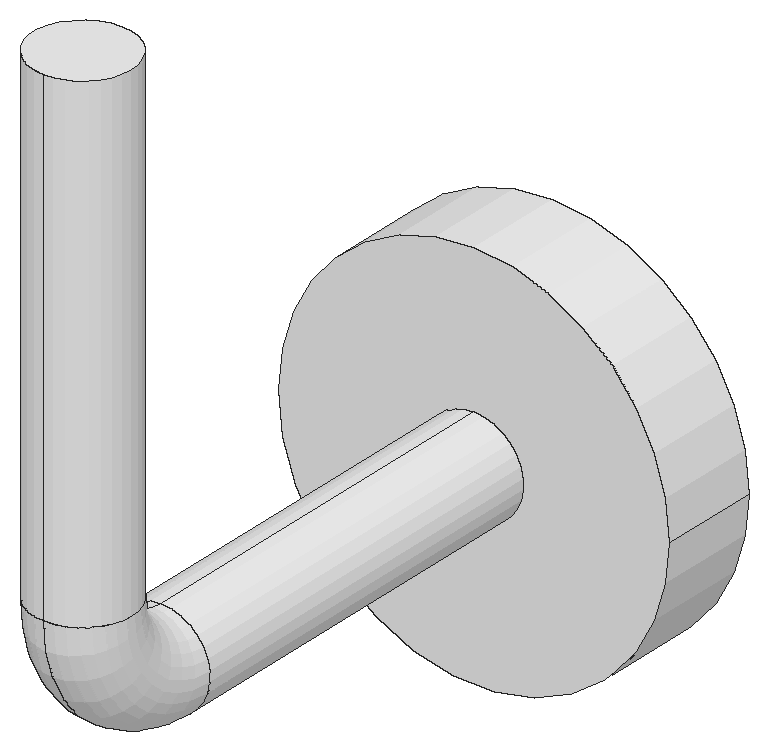
Revit family "Support - Metal - Circular", category Supports, Revit 2019
Family settings
  Work Plane-Based = No
  Always vertical = Yes
  Cut with Voids When Loaded = No
  Shared = No
Parameters
  T1 = 0' - 0 1/2"
  Support Material = Aluminum
  Radius 1 = 0' - 1"
  Radius 2 = 0' - 0 1/4"
  built-in parameter 1152166 = 0' - 3"
  built-in parameter 1152165 [instance] = 0' - 3"
  Bend Radius = 2 * Radius 2  # 0' - 0 1/2"
Reference planes (in)
  plane 1 "Center (Front/Back)": y = 0
  plane 2: z = 0
  plane 3 "Center (Left/Right)": x = 0
  plane 4: z = -3
  plane 5 "Hand Clearance": y = 3
  plane 6: y = 2.5
  plane 7: y = 0.5
  plane 8: z = -2.5
  plane 9: x = -1
  plane 10: x = 1
  plane 11: x = -0.25
  plane 12: x = 0.25
Forms (in)
  Extrusion 1, solid, material "Aluminum" <- "Support Material"
    sketch origin (0, 0, 0) x (1, 0, 0) y (0, 0, 1)
      loop
        circle (0, -3) r 1
    from -3 to -2.5
  Sweep 2, solid, material "Aluminum" <- "Support Material"
    path origin (0, 0, 0) x (0, 1, 0) y (0, 0, 1)
      loop
        line (2.5, -3) -> (0.5, -3)
        arc (0.5, -3) -> (0.14645, -2.85355) -> (0, -2.5) r 0.5
        line (0, -2.5) -> (0, 0)
    profile origin (0, 1.5, -3) x (0, 0, -1) y (1, 0, 0)
      loop
        circle (0, 0) r 0.25
Lines and regions (in)
  Masking region 1, detail levels fine
    outline origin (0, 0, 0) x (1, 0, 0) y (0, 1, 0)
      loop
        line (-1, 3) -> (-1, 2.5) -> (-0.25, 2.5) -> (-0.25, 0)
        arc (-0.25, 0) -> (0, -0.25) -> (0.25, 0) r 0.25
        line (0.25, 0) -> (0.25, 2.5) -> (1, 2.5) -> (1, 3) -> (-1, 3)
  symbolic lines, detail levels fine
    curve 1: line (-1, 3, 0) -> (1, 3, 0)
    curve 2: line (-1, 2.5, 0) -> (-1, 3, 0)
    curve 3: line (1, 2.5, 0) -> (-1, 2.5, 0)
    curve 4: line (1, 3, 0) -> (1, 2.5, 0)
    curve 5: line (-0.25, 2.5, 0) -> (-0.25, 0, 0)
    curve 6: line (0.25, 2.5, 0) -> (0.25, 0, 0)
    curve 7: arc (-0.25, 0, 0) -> (0, -0.25, 0) -> (0.25, 0, 0) r 0.25
Dimensions and locks (in)
  "built-in parameter 1152166": plane 2 to plane 4
  "built-in parameter 1152165": plane 5 "Hand Clearance" to plane 1 "Center (Front/Back)"
  "T1": plane 5 "Hand Clearance" to plane 6
  "Bend Radius": plane 8 to plane 4
  "Bend Radius": plane 7 to plane 1 "Center (Front/Back)"
  "Radius 1": plane 9 to plane 3 "Center (Left/Right)"
  "Radius 1": plane 3 "Center (Left/Right)" to plane 10
  "Radius 2": plane 11 to plane 3 "Center (Left/Right)"
  "Radius 2": plane 3 "Center (Left/Right)" to plane 12
  "Radius 1": radius of Extrusion 1 sketch curve
  "Bend Radius": radius of Sweep 2 sketch curve
  "Radius 2": radius of Sweep 2 sketch curve
  "Radius 2": radius of curve 7
  "Radius 2": radius of Masking region 1 sketch curve
  aligned and locked: plane 2 to level
  aligned and locked: plane 4 to Extrusion 1 sketch curve
  aligned and locked: plane 3 "Center (Left/Right)" to Extrusion 1 sketch curve
  aligned and locked: Extrusion 1 to plane 5 "Hand Clearance"
  aligned and locked: plane 6 to Extrusion 1
  aligned and locked: Sweep 2 sketch curve to plane 1 "Center (Front/Back)"
  aligned and locked: plane 2 to Sweep 2 sketch curve
  aligned and locked: Sweep 2 sketch curve to plane 4
  aligned and locked: plane 8 to Sweep 2 sketch curve
  aligned and locked: plane 7 to Sweep 2 sketch curve
  aligned and locked: plane 3 "Center (Left/Right)" to Sweep 2 sketch curve
  aligned and locked: plane 4 to Sweep 2 sketch curve
  aligned and locked: plane 5 "Hand Clearance" to curve 1
  aligned and locked: curve 2 to plane 9
  aligned and locked: curve 4 to plane 10
  aligned and locked: plane 6 to curve 5
  aligned and locked: plane 6 to curve 6
  aligned and locked: plane 1 "Center (Front/Back)" to curve 6
  aligned and locked: plane 1 "Center (Front/Back)" to curve 5
  aligned and locked: curve 5 to plane 11
  aligned and locked: curve 6 to plane 12
  aligned and locked: plane 1 "Center (Front/Back)" to curve 7
  aligned and locked: plane 3 "Center (Left/Right)" to curve 7
  aligned and locked: plane 5 "Hand Clearance" to Masking region 1 sketch curve
  aligned and locked: Masking region 1 sketch curve to plane 10
  aligned and locked: Masking region 1 sketch curve to plane 9
  aligned and locked: Masking region 1 sketch curve to plane 6  (x2)
  aligned and locked: Masking region 1 sketch curve to plane 12
  aligned and locked: plane 1 "Center (Front/Back)" to Masking region 1 sketch curve
  aligned and locked: plane 3 "Center (Left/Right)" to Masking region 1 sketch curve
Automatic sketch dimensions
  Sweep 2 sketch curve to plane 6 = 0' - 0"
